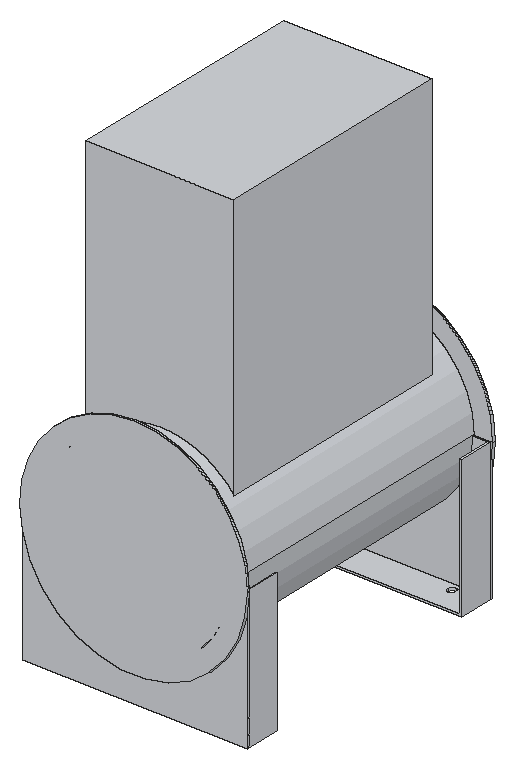
Revit family "VAHB_Horizontal_Floor_Mount", category Mechanical Equipment, Revit 2019
Family settings
  Round Connector Dimension = Use Radius
  Part Type = Normal
  Work Plane-Based = No
  Always vertical = Yes
  Cut with Voids When Loaded = No
  Shared = No
  Room Calculation Point = No
Parameters (values of type "12_VAHB_HOR_FLOOR")
  Unit Weight [instance] = ""
  P/2 = P / 2  # 0' - 0 9/32"
  P = 0' - 0 9/16"  # constant formula
  N = 0' - 5 5/16"
  ModelID [instance] = ""
  M/2 = M / 2  # 0' - 7 9/32"
  M = 1' - 2 9/16"
  J = 0' - 0 7/8"
  K/2 = K / 2  # 0' - 9 1/8"
  K = 1' - 6 1/4"
  L-(C/2) = L - (C / 2)  # 0' - 2 7/16"
  L = 0' - 9 1/8"
  H-(A/2) = H - (A / 2)  # 1' - 3"
  H+L = H + L  # 2' - 6 1/8"
  H = 1' - 9"
  Sones [instance] = ""
  Motor RPM [instance] = ""
  Motor Enclosure [instance] = ""
  LwA [instance] = ""
  G = 6' - 0"
  Fan RPM [instance] = ""
  F/2 = F / 2  # 0' - 0 5/32"
  F = 0' - 0 5/16"
  E/2 = E / 2  # 0' - 10"
  E-2" = E - 0' 2"  # 1' - 6"
  E = 1' - 8"
  C/2+L = C / 2 + L  # 1' - 3 13/16"
  C/2 = C / 2  # 0' - 6 11/16"
  C = 1' - 1 3/8"
  B/2 = B / 2  # 0' - 7 3/8"
  B = 1' - 2 3/4"
  Accessories [instance] = ""
  A/3 = A / 2.5  # 0' - 4.8"
  A/2 = A / 2  # 0' - 6"
  A = 1' - 0"
  60 = 60.00°  # constant formula
  30 = 30.00°  # constant formula
  3" = 0' - 3"  # constant formula
  Brake Hp [instance] = ""
  4" = 0' - 4"  # constant formula
  2' = 2' - 0"
  2" = 0' - 2"  # constant formula
  1" = 0' - 1"  # constant formula
  0 = 0' - 0"  # constant formula
  Voltage [instance] = 0 V
  URL = "www.lorencook.com"
  Type Comments = "Fixed Pitch Vane Axial Horizontal Floor Mount Belt Drive Arrangement 9"  # constant formula
  Static Pressure [instance] = 0.00 in-wg
  Power [instance] = Voltage * Motor FLA * sqrt(if(Phase = 3, 3, 1))  # 0 VA
  Phase [instance] = 0
  Number of Poles [instance] = 1
  Motor Hp [instance] = "0"
  Motor FLA [instance] = 0 A
  Model = "VAHB"  # constant formula
  Manufacturer = "Loren Cook Company"
  CFM [instance] = 0 CFM
  1.5 = 0' - 1 1/2"  # constant formula
  ONE EIGTH = 0' - 0 1/8"  # constant formula
  -E/2 = -E / 2  # -0' - 10"
  -(E-.25")/2 = -(E - 0' 0 1/4") / 2  # -0' - 9 7/8"
  (H-(A/2))/2 = (H - (A / 2)) / 2  # 0' - 7 1/2"
  (E-.25")/2 = (E - 0' 0 1/4") / 2  # 0' - 9 7/8"
  (A+.25")/2 = (A + 0' 0 1/4") / 2  # 0' - 6 1/8"
Types (12): name | N | M/2 | M | J | K/2 | K | L-(C/2) | L | H-(A/2) | H+L | H | G | F/2 | F | E/2 | E-2" | E | C/2+L | C/2 | C | B/2 | B | A/3 | A/2 | A | -E/2 | -(E-.25")/2 | (H-(A/2))/2 | (E-.25")/2 | (A+.25")/2
  (no name) | 0' - 5 5/16" | 0' - 7 9/32" | 1' - 2 9/16" | 0' - 0 7/8" | 0' - 9 1/8" | 1' - 6 1/4" | 0' - 2 7/16" | 0' - 9 1/8" | 1' - 3" | 2' - 6 1/8" | 1' - 9" | 6' - 0" | 0' - 0 5/32" | 0' - 0 5/16" | 0' - 10" | 1' - 6" | 1' - 8" | 1' - 3 13/16" | 0' - 6 11/16" | 1' - 1 3/8" | 0' - 7 3/8" | 1' - 2 3/4" | 0' - 4.8" | 0' - 6" | 1' - 0" | -0' - 10" | -0' - 9 7/8" | 0' - 7 1/2" | 0' - 9 7/8" | 0' - 6 1/8"
  12_VAHB_HOR_FLOOR | 0' - 5 5/16" | 0' - 7 9/32" | 1' - 2 9/16" | 0' - 0 7/8" | 0' - 9 1/8" | 1' - 6 1/4" | 0' - 2 7/16" | 0' - 9 1/8" | 1' - 3" | 2' - 6 1/8" | 1' - 9" | 6' - 0" | 0' - 0 5/32" | 0' - 0 5/16" | 0' - 10" | 1' - 6" | 1' - 8" | 1' - 3 13/16" | 0' - 6 11/16" | 1' - 1 3/8" | 0' - 7 3/8" | 1' - 2 3/4" | 0' - 4.8" | 0' - 6" | 1' - 0" | -0' - 10" | -0' - 9 7/8" | 0' - 7 1/2" | 0' - 9 7/8" | 0' - 6 1/8"
  14_VAHB_HOR_FLOOR | 0' - 6 5/16" | 0' - 8 9/32" | 1' - 4 9/16" | 0' - 0 7/8" | 0' - 10 5/8" | 1' - 9 1/4" | 0' - 2 3/8" | 0' - 10 1/8" | 1' - 5" | 2' - 10 1/8" | 2' - 0" | 6' - 0" | 0' - 0 5/32" | 0' - 0 5/16" | 0' - 11 1/2" | 1' - 9" | 1' - 11" | 1' - 5 7/8" | 0' - 7 3/4" | 1' - 3 1/2" | 0' - 8 3/8" | 1' - 4 3/4" | 0' - 5.6" | 0' - 7" | 1' - 2" | -0' - 11 1/2" | -0' - 11 3/8" | 0' - 8 1/2" | 0' - 11 3/8" | 0' - 7 1/8"
  18_VAHB_HOR_FLOOR | 0' - 8 1/2" | 0' - 10 1/2" | 1' - 9" | 0' - 0 7/8" | 1' - 1 5/8" | 2' - 3 1/4" | 0' - 2 9/16" | 1' - 0 7/16" | 1' - 6 1/4" | 3' - 3 11/16" | 2' - 3 1/4" | 12' - 0" | 0' - 0 7/32" | 0' - 0 7/16" | 1' - 2 1/2" | 2' - 3" | 2' - 5" | 1' - 10 5/16" | 0' - 9 7/8" | 1' - 7 3/4" | 0' - 10 5/8" | 1' - 9 1/4" | 0' - 7.2" | 0' - 9" | 1' - 6" | -1' - 2 1/2" | -1' - 2 3/8" | 0' - 9 1/8" | 1' - 2 3/8" | 0' - 9 1/8"
  21_VAHB_HOR_FLOOR | 0' - 10" | 1' - 0" | 2' - 0" | 0' - 0 7/8" | 1' - 2 5/8" | 2' - 5 1/4" | 0' - 2 9/16" | 1' - 1 15/16" | 1' - 9" | 3' - 9 7/16" | 2' - 7 1/2" | 12' - 0" | 0' - 0 7/32" | 0' - 0 7/16" | 1' - 3 1/2" | 2' - 5" | 2' - 7" | 2' - 1 5/16" | 0' - 11 3/8" | 1' - 10 3/4" | 1' - 0 1/8" | 2' - 0 1/4" | 0' - 8.4" | 0' - 10 1/2" | 1' - 9" | -1' - 3 1/2" | -1' - 3 3/8" | 0' - 10 1/2" | 1' - 3 3/8" | 0' - 10 5/8"
  26_VAHB_HOR_FLOOR | 1' - 0 13/16" | 1' - 2 25/32" | 2' - 5 9/16" | 0' - 0 15/16" | 1' - 3 1/16" | 2' - 6 1/8" | 0' - 2 11/16" | 1' - 4 11/16" | 1' - 9 1/2" | 4' - 3 3/16" | 2' - 10 1/2" | 12' - 0" | 0' - 0 7/32" | 0' - 0 7/16" | 1' - 4" | 2' - 6" | 2' - 8" | 2' - 6 11/16" | 1' - 2" | 2' - 4" | 1' - 3 5/32" | 2' - 6 5/16" | 0' - 10.4" | 1' - 1" | 2' - 2" | -1' - 4" | -1' - 3 7/8" | 0' - 10 3/4" | 1' - 3 7/8" | 1' - 1 1/8"
  29_VAHB_HOR_FLOOR | 1' - 2 5/16" | 1' - 4 5/16" | 2' - 8 5/8" | 0' - 0 15/16" | 1' - 5 1/16" | 2' - 10 1/8" | 0' - 2 3/4" | 1' - 6 1/4" | 2' - 2" | 4' - 10 3/4" | 3' - 4 1/2" | 12' - 0" | 0' - 0 7/32" | 0' - 0 7/16" | 1' - 6" | 2' - 10" | 3' - 0" | 2' - 9 3/4" | 1' - 3 1/2" | 2' - 7" | 1' - 4 21/32" | 2' - 9 5/16" | 0' - 11.6" | 1' - 2 1/2" | 2' - 5" | -1' - 6" | -1' - 5 7/8" | 1' - 1" | 1' - 5 7/8" | 1' - 2 5/8"
  36_VAHB_HOR_FLOOR | 1' - 6 5/16" | 1' - 8 5/16" | 3' - 4 5/8" | 0' - 0 15/16" | 1' - 8 1/16" | 3' - 4 1/8" | 0' - 3 1/4" | 1' - 10 1/4" | 2' - 3 1/2" | 5' - 7 3/4" | 3' - 9 1/2" | 16' - 0" | 0' - 0 9/32" | 0' - 0 9/16" | 1' - 9" | 3' - 4" | 3' - 6" | 3' - 5 1/4" | 1' - 7" | 3' - 2" | 1' - 8 5/32" | 3' - 4 5/16" | 1' - 2.4" | 1' - 6" | 3' - 0" | -1' - 9" | -1' - 8 7/8" | 1' - 1 3/4" | 1' - 8 7/8" | 1' - 6 1/8"
  42_VAHB_HOR_FLOOR | 1' - 9 3/8" | 2' - 0 3/8" | 4' - 0 3/4" | 0' - 0 15/16" | 2' - 0 1/16" | 4' - 0 1/8" | 0' - 3" | 2' - 1 3/16" | 2' - 5 1/2" | 6' - 3 11/16" | 4' - 2 1/2" | 16' - 0" | 0' - 0 9/32" | 0' - 0 9/16" | 2' - 1" | 4' - 0" | 4' - 2" | 3' - 11 3/8" | 1' - 10 3/16" | 3' - 8 3/8" | 1' - 10 21/32" | 3' - 9 5/16" | 1' - 4.8" | 1' - 9" | 3' - 6" | -2' - 1" | -2' - 0 7/8" | 1' - 2 3/4" | 2' - 0 7/8" | 1' - 9 1/8"
  48_VAHB_HOR_FLOOR | 2' - 0 3/8" | 2' - 2 3/8" | 4' - 4 3/4" | 0' - 0 15/16" | 2' - 3 1/16" | 4' - 6 1/8" | 0' - 3" | 2' - 4 1/4" | 2' - 6" | 6' - 10 1/4" | 4' - 6" | 16' - 0" | 0' - 0 9/32" | 0' - 0 9/16" | 2' - 4" | 4' - 6" | 4' - 8" | 4' - 5 1/2" | 2' - 1 1/4" | 4' - 2 1/2" | 2' - 2 19/32" | 4' - 5 3/16" | 1' - 7.2" | 2' - 0" | 4' - 0" | -2' - 4" | -2' - 3 7/8" | 1' - 3" | 2' - 3 7/8" | 2' - 0 1/8"
  54_VAHB_HOR_FLOOR | 2' - 3 1/2" | 2' - 5 1/2" | 4' - 11" | 0' - 1" | 2' - 6" | 5' - 0" | 0' - 3" | 2' - 7 1/4" | 2' - 8 1/2" | 7' - 6 3/4" | 4' - 11 1/2" | 16' - 0" | 0' - 0 9/32" | 0' - 0 9/16" | 2' - 7" | 5' - 0" | 5' - 2" | 4' - 11 1/2" | 2' - 4 1/4" | 4' - 8 1/2" | 2' - 5 23/32" | 4' - 11 7/16" | 1' - 9.6" | 2' - 3" | 4' - 6" | -2' - 7" | -2' - 6 7/8" | 1' - 4 1/4" | 2' - 6 7/8" | 2' - 3 1/8"
  60_VAHB_HOR_FLOOR | 2' - 7" | 2' - 9" | 5' - 6" | 0' - 1" | 2' - 9 1/2" | 5' - 7" | 0' - 3 5/8" | 2' - 11 1/4" | 2' - 11" | 8' - 4 1/4" | 5' - 5" | 16' - 0" | 0' - 0 9/32" | 0' - 0 9/16" | 2' - 10 1/2" | 5' - 7" | 5' - 9" | 5' - 6 7/8" | 2' - 7 5/8" | 5' - 3 1/4" | 2' - 8 23/32" | 5' - 5 7/16" | 2' - 0" | 2' - 6" | 5' - 0" | -2' - 10 1/2" | -2' - 10 3/8" | 1' - 5 1/2" | 2' - 10 3/8" | 2' - 6 1/8"
Reference planes (in)
  plane 1 "Center (Front/Back)": y = 0
  plane 2: z = 0
  plane 3 "Center (Left/Right)": x = 0.40541
Forms (in)
  Extrusion 1, solid
    sketch origin (0, 0, 0) x (1, 0, 0) y (0, 0, 1)
      loop
        circle (0.40541, 9.125) r 7.375
    from 10 <- "E/2" to -10 <- "-E/2"
  Extrusion 2, void
    sketch origin (0, 0, 0) x (1, 0, 0) y (0, 0, 1)
      loop
        circle (0.40541, 9.125) r 7.375
      loop
        circle (0.40541, 9.125) r 6.125
    from 9.875 <- "(E-.25")/2" to -9.875 <- "-(E-.25")/2"
  Extrusion 3, solid
    sketch origin (0, -9.875, 0) x (-1, 0, 0) y (0, 0, 1)
      loop
        line (4.39459, 12.92968) -> (4.39459, 30.125) -> (-5.20541, 30.125) -> (-5.20541, 12.92968)
        arc (-5.20541, 12.92968) -> (-0.40541, 15.25) -> (4.39459, 12.92968) r 6.125
    from 2 to 18 <- "E-2""
  Extrusion 4, solid
    sketch origin (0, -10, 0) x (1, 0, 0) y (0, 0, 1)
      loop
        line (-5.71959, 9.125) -> (-6.87584, 9.125) -> (-6.87584, 0) -> (7.68666, 0) -> (7.68666, 9.125) -> (6.53041, 9.125)
        arc (6.53041, 9.125) -> (0.40541, 3) -> (-5.71959, 9.125) r 6.125
    from -0.25 to -0.125
  Extrusion 5, solid
    sketch origin (0, 9.875, 0) x (1, 0, 0) y (0, 0, 1)
      loop
        line (-5.71959, 9.125) -> (-6.87584, 9.125) -> (-6.87584, 0) -> (7.68666, 0) -> (7.68666, 9.125) -> (6.53041, 9.125)
        arc (6.53041, 9.125) -> (0.40541, 3) -> (-5.71959, 9.125) r 6.125
    from 0 to 0.125
  Extrusion 6, solid
    sketch origin (0, 9.875, 0) x (-1, 0, 0) y (0, 0, 1)
      loop
        line (-7.68666, 9.125) -> (-7.68666, 0) -> (6.87584, 0) -> (6.87584, 9.125) -> (6.75084, 9.125) -> (6.75084, 0.125) -> (-7.56166, 0.125) -> (-7.56166, 9.125) -> (-7.68666, 9.125)
    from -0.125 to -2.375
  Extrusion 7, solid
    sketch origin (0, -9.875, 0) x (1, 0, 0) y (0, 0, 1)
      loop
        line (-6.87584, 9.125) -> (-6.87584, 0) -> (7.68666, 0) -> (7.68666, 9.125) -> (7.56166, 9.125) -> (7.56166, 0.125) -> (-6.75084, 0.125) -> (-6.75084, 9.125) -> (-6.87584, 9.125)
    from -0.125 to -2.375
  Extrusion 8, void
    sketch origin (0, 0, 0) x (1, 0, 0) y (0, 1, 0)
      loop
        circle (-4.90709, 9.125) r 0.28125
      loop
        circle (5.71791, 9.125) r 0.28125
      loop
        circle (5.71791, -9.125) r 0.28125
      loop
        circle (-4.90709, -9.125) r 0.28125
    from 0 to 0.125
Cuts and joins
  Extrusion 2 cuts Extrusion 1
  Extrusion 8 cuts Extrusion 6
  Extrusion 8 cuts Extrusion 7
Dimensions and locks (in)
  "0": Extrusion 1 sketch curve to plane 3 "Center (Left/Right)"
  "L": Extrusion 1 sketch curve to level
  "0": Extrusion 2 sketch curve to plane 3 "Center (Left/Right)"  (x2)
  "L": Extrusion 2 sketch curve to level  (x2)
  "0": Extrusion 3 sketch curve to plane 3 "Center (Left/Right)"
  "L": Extrusion 3 sketch curve to level
  "H+L": Extrusion 3 sketch curve to level
  "A/3": plane 3 "Center (Left/Right)" to Extrusion 3 sketch curve  (x2)
  "L": Extrusion 4 sketch curve to level  (x4)
  "0": Extrusion 4 sketch curve to plane 3 "Center (Left/Right)"
  "M/2": Extrusion 4 sketch curve to plane 3 "Center (Left/Right)"  (x2)
  "L": level to Extrusion 5 sketch curve
  "0": Extrusion 5 sketch curve to plane 3 "Center (Left/Right)"
  "0": Extrusion 5 sketch curve to level
  "0": Extrusion 5 sketch curve to Extrusion 4  (x3)
  "0": level to Extrusion 6 sketch curve
  "ONE EIGTH": level to Extrusion 6 sketch curve
  "ONE EIGTH": Extrusion 6 sketch curve to Extrusion 6 sketch curve  (x2)
  "0": Extrusion 6 sketch curve to Extrusion 5
  "0": Extrusion 5 to Extrusion 6 sketch curve  (x2)
  "ONE EIGTH": Extrusion 7 sketch curve to Extrusion 7 sketch curve  (x2)
  "ONE EIGTH": Extrusion 7 sketch curve to level
  "0": Extrusion 7 sketch curve to level
  "0": Extrusion 7 sketch curve to Extrusion 4  (x2)
  "0": Extrusion 4 to Extrusion 7 sketch curve
  "M/2": Extrusion 6 sketch curve to plane 3 "Center (Left/Right)"
  "K/2": plane 1 "Center (Front/Back)" to Extrusion 8 sketch curve  (x4)
  "N": Extrusion 8 sketch curve to plane 3 "Center (Left/Right)"  (x4)
  "0": Extrusion 4 sketch curve to level
  "L": Extrusion 7 sketch curve to level
  "B/2": radius of Extrusion 1 sketch curve
  "(A+.25")/2": radius of Extrusion 2 sketch curve
  "B/2": radius of Extrusion 2 sketch curve
  "(A+.25")/2": radius of Extrusion 3 sketch curve
  "(A+.25")/2": radius of Extrusion 4 sketch curve
  "(A+.25")/2": radius of Extrusion 5 sketch curve
  "P/2": radius of Extrusion 8 sketch curve  (x4)
Automatic sketch dimensions
  Extrusion 3 sketch curve to Extrusion 3 sketch curve = 0' - 0"
Connectors (in)
  electrical at (5.20541, 0.125, 21.52734)
    settings: on Extrusion 3, index 1, voltage 0 V, apparent load 0 VA, apparent load phase1 0 VA, apparent load phase2 0 VA, apparent load phase3 0 VA, power factor 1, load classification "Other", number of poles 1, system type 30, power factor state 1, is connector primary yes, connector utility no, sub classification motor no, connector description ""
  hvac at (0.40541, -10, 9.125), driven by "A/2"
    settings: on cut or joined group of Extrusion 1, Extrusion 2, index 2, duct flow 0 CFM, flow factor 0, pres drop 0.00 in-wg, loss coef 0, conn angle 0.00°, conn width 12", conn height 12", conn diameter 12", duct sys type 29, conn prof type 0, flow config 0, flow direction 2, loss method 0, conn ref index -1, conn util no, is conn primary yes, conn desc ""
  hvac at (0.40541, 10, 9.125), driven by "A/2"
    settings: on cut or joined group of Extrusion 1, Extrusion 2, index 3, duct flow 0 CFM, flow factor 0, pres drop 0.00 in-wg, loss coef 0, conn angle 0.00°, conn width 12", conn height 12", conn diameter 12", duct sys type 29, conn prof type 0, flow config 0, flow direction 1, loss method 0, conn ref index -1, conn util no, is conn primary no, conn desc ""
